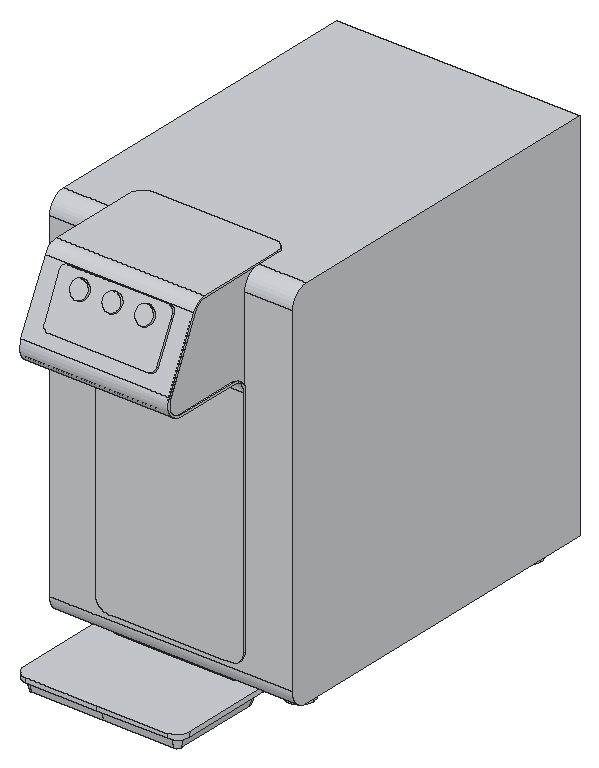
Revit family "DSBS130UVPC", category Plumbing Fixtures, Revit 2019 (continued)
Lines and regions (in)
  model lines
    curve 427: arc (0.28697, -6.63592, 0.68045) -> (0.24277, -6.65423, 0.68045) -> (0.22447, -6.69842, 0.68045) r 0.0625
    curve 428: arc (0.34947, -6.63592, 0.68045) -> (0.39366, -6.65423, 0.68045) -> (0.41197, -6.69842, 0.68045) r 0.0625
    curve 429: arc (0.41197, -7.44842, 0.68045) -> (0.39366, -7.49261, 0.68045) -> (0.34947, -7.51092, 0.68045) r 0.0625
    curve 430: arc (0.28697, -7.51092, 0.68045) -> (0.24277, -7.49261, 0.68045) -> (0.22447, -7.44842, 0.68045) r 0.0625
    curve 431: line (0.66769, -7.51092, 0.68045) -> (0.60519, -7.51092, 0.68045)
    curve 432: line (0.73019, -7.44842, 0.68045) -> (0.73019, -6.69842, 0.68045)
    curve 433: line (0.66769, -6.63592, 0.68045) -> (0.60519, -6.63592, 0.68045)
    curve 434: line (0.54269, -6.69842, 0.68045) -> (0.54269, -7.44842, 0.68045)
    curve 435: arc (0.60519, -6.63592, 0.68045) -> (0.56099, -6.65423, 0.68045) -> (0.54269, -6.69842, 0.68045) r 0.0625
    curve 436: arc (0.66769, -6.63592, 0.68045) -> (0.71188, -6.65423, 0.68045) -> (0.73019, -6.69842, 0.68045) r 0.0625
    curve 437: arc (0.73019, -7.44842, 0.68045) -> (0.71188, -7.49261, 0.68045) -> (0.66769, -7.51092, 0.68045) r 0.0625
    curve 438: arc (0.60519, -7.51092, 0.68045) -> (0.56099, -7.49261, 0.68045) -> (0.54269, -7.44842, 0.68045) r 0.0625
    curve 439: line (0.9859, -7.51092, 0.68045) -> (0.9234, -7.51092, 0.68045)
    curve 440: line (1.0484, -7.44842, 0.68045) -> (1.0484, -6.69842, 0.68045)
    curve 441: line (0.9859, -6.63592, 0.68045) -> (0.9234, -6.63592, 0.68045)
    curve 442: line (0.8609, -6.69842, 0.68045) -> (0.8609, -7.44842, 0.68045)
    curve 443: arc (0.9234, -6.63592, 0.68045) -> (0.87921, -6.65423, 0.68045) -> (0.8609, -6.69842, 0.68045) r 0.0625
    curve 444: arc (0.9859, -6.63592, 0.68045) -> (1.0301, -6.65423, 0.68045) -> (1.0484, -6.69842, 0.68045) r 0.0625
    curve 445: arc (1.0484, -7.44842, 0.68045) -> (1.0301, -7.49261, 0.68045) -> (0.9859, -7.51092, 0.68045) r 0.0625
    curve 446: arc (0.9234, -7.51092, 0.68045) -> (0.87921, -7.49261, 0.68045) -> (0.8609, -7.44842, 0.68045) r 0.0625
    curve 447: line (1.30412, -7.51092, 0.68045) -> (1.24162, -7.51092, 0.68045)
    curve 448: line (1.36662, -7.44842, 0.68045) -> (1.36662, -6.69842, 0.68045)
    curve 449: line (1.30412, -6.63592, 0.68045) -> (1.24162, -6.63592, 0.68045)
    curve 450: line (1.17912, -6.69842, 0.68045) -> (1.17912, -7.44842, 0.68045)
    curve 451: arc (1.24162, -6.63592, 0.68045) -> (1.19743, -6.65423, 0.68045) -> (1.17912, -6.69842, 0.68045) r 0.0625
    curve 452: arc (1.30412, -6.63592, 0.68045) -> (1.34832, -6.65423, 0.68045) -> (1.36662, -6.69842, 0.68045) r 0.0625
    curve 453: arc (1.36662, -7.44842, 0.68045) -> (1.34832, -7.49261, 0.68045) -> (1.30412, -7.51092, 0.68045) r 0.0625
    curve 454: arc (1.24162, -7.51092, 0.68045) -> (1.19743, -7.49261, 0.68045) -> (1.17912, -7.44842, 0.68045) r 0.0625
    curve 455: line (1.62234, -7.51092, 0.68045) -> (1.55984, -7.51092, 0.68045)
    curve 456: line (1.68484, -7.44842, 0.68045) -> (1.68484, -6.69842, 0.68045)
    curve 457: line (1.62234, -6.63592, 0.68045) -> (1.55984, -6.63592, 0.68045)
    curve 458: line (1.49734, -6.69842, 0.68045) -> (1.49734, -7.44842, 0.68045)
    curve 459: arc (1.55984, -6.63592, 0.68045) -> (1.51565, -6.65423, 0.68045) -> (1.49734, -6.69842, 0.68045) r 0.0625
    curve 460: arc (1.62234, -6.63592, 0.68045) -> (1.66654, -6.65423, 0.68045) -> (1.68484, -6.69842, 0.68045) r 0.0625
    curve 461: arc (1.68484, -7.44842, 0.68045) -> (1.66654, -7.49261, 0.68045) -> (1.62234, -7.51092, 0.68045) r 0.0625
    curve 462: arc (1.55984, -7.51092, 0.68045) -> (1.51565, -7.49261, 0.68045) -> (1.49734, -7.44842, 0.68045) r 0.0625
    curve 463: line (-0.34947, -6.44842, 0.68045) -> (0.34947, -6.44842, 0.68045)
    curve 464: line (-0.41197, -6.38592, 0.68045) -> (-0.41197, -5.63592, 0.68045)
    curve 465: line (-0.34947, -5.57342, 0.68045) -> (0.34947, -5.57342, 0.68045)
    curve 466: arc (-0.34947, -5.57342, 0.68045) -> (-0.39366, -5.59173, 0.68045) -> (-0.41197, -5.63592, 0.68045) r 0.0625
    curve 467: arc (-0.41197, -6.38592, 0.68045) -> (-0.39366, -6.43011, 0.68045) -> (-0.34947, -6.44842, 0.68045) r 0.0625
    curve 468: line (-0.66769, -6.44842, 0.68045) -> (-0.60519, -6.44842, 0.68045)
    curve 469: line (-0.73019, -6.38592, 0.68045) -> (-0.73019, -5.63592, 0.68045)
    curve 470: line (-0.66769, -5.57342, 0.68045) -> (-0.60519, -5.57342, 0.68045)
    curve 471: line (-0.54269, -5.63592, 0.68045) -> (-0.54269, -6.38592, 0.68045)
    curve 472: arc (-0.60519, -5.57342, 0.68045) -> (-0.56099, -5.59173, 0.68045) -> (-0.54269, -5.63592, 0.68045) r 0.0625
    curve 473: arc (-0.66769, -5.57342, 0.68045) -> (-0.71188, -5.59173, 0.68045) -> (-0.73019, -5.63592, 0.68045) r 0.0625
    curve 474: arc (-0.73019, -6.38592, 0.68045) -> (-0.71188, -6.43011, 0.68045) -> (-0.66769, -6.44842, 0.68045) r 0.0625
    curve 475: arc (-0.60519, -6.44842, 0.68045) -> (-0.56099, -6.43011, 0.68045) -> (-0.54269, -6.38592, 0.68045) r 0.0625
    curve 476: line (-0.9859, -6.44842, 0.68045) -> (-0.9234, -6.44842, 0.68045)
    curve 477: line (-1.0484, -6.38592, 0.68045) -> (-1.0484, -5.63592, 0.68045)
    curve 478: line (-0.9859, -5.57342, 0.68045) -> (-0.9234, -5.57342, 0.68045)
    curve 479: line (-0.8609, -5.63592, 0.68045) -> (-0.8609, -6.38592, 0.68045)
    curve 480: arc (-0.9234, -5.57342, 0.68045) -> (-0.87921, -5.59173, 0.68045) -> (-0.8609, -5.63592, 0.68045) r 0.0625
    curve 481: arc (-0.9859, -5.57342, 0.68045) -> (-1.0301, -5.59173, 0.68045) -> (-1.0484, -5.63592, 0.68045) r 0.0625
    curve 482: arc (-1.0484, -6.38592, 0.68045) -> (-1.0301, -6.43011, 0.68045) -> (-0.9859, -6.44842, 0.68045) r 0.0625
    curve 483: arc (-0.9234, -6.44842, 0.68045) -> (-0.87921, -6.43011, 0.68045) -> (-0.8609, -6.38592, 0.68045) r 0.0625
    curve 484: line (-1.30412, -6.44842, 0.68045) -> (-1.24162, -6.44842, 0.68045)
    curve 485: line (-1.36662, -6.38592, 0.68045) -> (-1.36662, -5.63592, 0.68045)
    curve 486: line (-1.30412, -5.57342, 0.68045) -> (-1.24162, -5.57342, 0.68045)
    curve 487: line (-1.17912, -5.63592, 0.68045) -> (-1.17912, -6.38592, 0.68045)
    curve 488: arc (-1.24162, -5.57342, 0.68045) -> (-1.19743, -5.59173, 0.68045) -> (-1.17912, -5.63592, 0.68045) r 0.0625
    curve 489: arc (-1.30412, -5.57342, 0.68045) -> (-1.34832, -5.59173, 0.68045) -> (-1.36662, -5.63592, 0.68045) r 0.0625
    curve 490: arc (-1.36662, -6.38592, 0.68045) -> (-1.34832, -6.43011, 0.68045) -> (-1.30412, -6.44842, 0.68045) r 0.0625
    curve 491: arc (-1.24162, -6.44842, 0.68045) -> (-1.19743, -6.43011, 0.68045) -> (-1.17912, -6.38592, 0.68045) r 0.0625
    curve 492: line (-1.62234, -6.44842, 0.68045) -> (-1.55984, -6.44842, 0.68045)
    curve 493: line (-1.68484, -6.38592, 0.68045) -> (-1.68484, -5.63592, 0.68045)
    curve 494: line (-1.62234, -5.57342, 0.68045) -> (-1.55984, -5.57342, 0.68045)
    curve 495: line (-1.49734, -5.63592, 0.68045) -> (-1.49734, -6.38592, 0.68045)
    curve 496: arc (-1.55984, -5.57342, 0.68045) -> (-1.51565, -5.59173, 0.68045) -> (-1.49734, -5.63592, 0.68045) r 0.0625
    curve 497: arc (-1.62234, -5.57342, 0.68045) -> (-1.66654, -5.59173, 0.68045) -> (-1.68484, -5.63592, 0.68045) r 0.0625
    curve 498: arc (-1.68484, -6.38592, 0.68045) -> (-1.66654, -6.43011, 0.68045) -> (-1.62234, -6.44842, 0.68045) r 0.0625
    curve 499: arc (-1.55984, -6.44842, 0.68045) -> (-1.51565, -6.43011, 0.68045) -> (-1.49734, -6.38592, 0.68045) r 0.0625
    curve 500: line (0.41197, -6.38592, 0.68045) -> (0.41197, -5.63592, 0.68045)
    curve 501: arc (0.34947, -5.57342, 0.68045) -> (0.39366, -5.59173, 0.68045) -> (0.41197, -5.63592, 0.68045) r 0.0625
    curve 502: arc (0.41197, -6.38592, 0.68045) -> (0.39366, -6.43011, 0.68045) -> (0.34947, -6.44842, 0.68045) r 0.0625
    curve 503: line (0.66769, -6.44842, 0.68045) -> (0.60519, -6.44842, 0.68045)
    curve 504: line (0.73019, -6.38592, 0.68045) -> (0.73019, -5.63592, 0.68045)
    curve 505: line (0.66769, -5.57342, 0.68045) -> (0.60519, -5.57342, 0.68045)
    curve 506: line (0.54269, -5.63592, 0.68045) -> (0.54269, -6.38592, 0.68045)
    curve 507: arc (0.60519, -5.57342, 0.68045) -> (0.56099, -5.59173, 0.68045) -> (0.54269, -5.63592, 0.68045) r 0.0625
    curve 508: arc (0.66769, -5.57342, 0.68045) -> (0.71188, -5.59173, 0.68045) -> (0.73019, -5.63592, 0.68045) r 0.0625
    curve 509: arc (0.73019, -6.38592, 0.68045) -> (0.71188, -6.43011, 0.68045) -> (0.66769, -6.44842, 0.68045) r 0.0625
    curve 510: arc (0.60519, -6.44842, 0.68045) -> (0.56099, -6.43011, 0.68045) -> (0.54269, -6.38592, 0.68045) r 0.0625
    curve 511: line (0.9859, -6.44842, 0.68045) -> (0.9234, -6.44842, 0.68045)
    curve 512: line (1.0484, -6.38592, 0.68045) -> (1.0484, -5.63592, 0.68045)
    curve 513: line (0.9859, -5.57342, 0.68045) -> (0.9234, -5.57342, 0.68045)
    curve 514: line (0.8609, -5.63592, 0.68045) -> (0.8609, -6.38592, 0.68045)
    curve 515: arc (0.9234, -5.57342, 0.68045) -> (0.87921, -5.59173, 0.68045) -> (0.8609, -5.63592, 0.68045) r 0.0625
    curve 516: arc (0.9859, -5.57342, 0.68045) -> (1.0301, -5.59173, 0.68045) -> (1.0484, -5.63592, 0.68045) r 0.0625
    curve 517: arc (1.0484, -6.38592, 0.68045) -> (1.0301, -6.43011, 0.68045) -> (0.9859, -6.44842, 0.68045) r 0.0625
    curve 518: arc (0.9234, -6.44842, 0.68045) -> (0.87921, -6.43011, 0.68045) -> (0.8609, -6.38592, 0.68045) r 0.0625
    curve 519: line (1.30412, -6.44842, 0.68045) -> (1.24162, -6.44842, 0.68045)
    curve 520: line (1.36662, -6.38592, 0.68045) -> (1.36662, -5.63592, 0.68045)
    curve 521: line (1.30412, -5.57342, 0.68045) -> (1.24162, -5.57342, 0.68045)
    curve 522: line (1.17912, -5.63592, 0.68045) -> (1.17912, -6.38592, 0.68045)
    curve 523: arc (1.24162, -5.57342, 0.68045) -> (1.19743, -5.59173, 0.68045) -> (1.17912, -5.63592, 0.68045) r 0.0625
    curve 524: arc (1.30412, -5.57342, 0.68045) -> (1.34832, -5.59173, 0.68045) -> (1.36662, -5.63592, 0.68045) r 0.0625
    curve 525: arc (1.36662, -6.38592, 0.68045) -> (1.34832, -6.43011, 0.68045) -> (1.30412, -6.44842, 0.68045) r 0.0625
    curve 526: arc (1.24162, -6.44842, 0.68045) -> (1.19743, -6.43011, 0.68045) -> (1.17912, -6.38592, 0.68045) r 0.0625
    curve 527: line (1.62234, -6.44842, 0.68045) -> (1.55984, -6.44842, 0.68045)
    curve 528: line (1.68484, -6.38592, 0.68045) -> (1.68484, -5.63592, 0.68045)
    curve 529: line (1.62234, -5.57342, 0.68045) -> (1.55984, -5.57342, 0.68045)
    curve 530: line (1.49734, -5.63592, 0.68045) -> (1.49734, -6.38592, 0.68045)
    curve 531: arc (1.55984, -5.57342, 0.68045) -> (1.51565, -5.59173, 0.68045) -> (1.49734, -5.63592, 0.68045) r 0.0625
    curve 532: arc (1.62234, -5.57342, 0.68045) -> (1.66654, -5.59173, 0.68045) -> (1.68484, -5.63592, 0.68045) r 0.0625
    curve 533: arc (1.68484, -6.38592, 0.68045) -> (1.66654, -6.43011, 0.68045) -> (1.62234, -6.44842, 0.68045) r 0.0625
    curve 534: arc (1.55984, -6.44842, 0.68045) -> (1.51565, -6.43011, 0.68045) -> (1.49734, -6.38592, 0.68045) r 0.0625
    curve 535: line (-0.03125, -5.38592, 0.68045) -> (0.03125, -5.38592, 0.68045)
    curve 536: line (-0.09375, -5.32342, 0.68045) -> (-0.09375, -4.57342, 0.68045)
    curve 537: line (-0.03125, -4.51092, 0.68045) -> (0.03125, -4.51092, 0.68045)
    curve 538: line (0.09375, -4.57342, 0.68045) -> (0.09375, -5.32342, 0.68045)
    curve 539: arc (0.03125, -4.51092, 0.68045) -> (0.07544, -4.52923, 0.68045) -> (0.09375, -4.57342, 0.68045) r 0.0625
    curve 540: arc (-0.03125, -4.51092, 0.68045) -> (-0.07544, -4.52923, 0.68045) -> (-0.09375, -4.57342, 0.68045) r 0.0625
    curve 541: arc (-0.09375, -5.32342, 0.68045) -> (-0.07544, -5.36761, 0.68045) -> (-0.03125, -5.38592, 0.68045) r 0.0625
    curve 542: arc (0.03125, -5.38592, 0.68045) -> (0.07544, -5.36761, 0.68045) -> (0.09375, -5.32342, 0.68045) r 0.0625
    curve 543: line (-0.34947, -5.38592, 0.68045) -> (-0.28697, -5.38592, 0.68045)
    curve 544: line (-0.41197, -5.32342, 0.68045) -> (-0.41197, -4.57342, 0.68045)
    curve 545: line (-0.34947, -4.51092, 0.68045) -> (-0.28697, -4.51092, 0.68045)
    curve 546: line (-0.22447, -4.57342, 0.68045) -> (-0.22447, -5.32342, 0.68045)
    curve 547: arc (-0.28697, -4.51092, 0.68045) -> (-0.24277, -4.52923, 0.68045) -> (-0.22447, -4.57342, 0.68045) r 0.0625
    curve 548: arc (-0.34947, -4.51092, 0.68045) -> (-0.39366, -4.52923, 0.68045) -> (-0.41197, -4.57342, 0.68045) r 0.0625
    curve 549: arc (-0.41197, -5.32342, 0.68045) -> (-0.39366, -5.36761, 0.68045) -> (-0.34947, -5.38592, 0.68045) r 0.0625
    curve 550: arc (-0.28697, -5.38592, 0.68045) -> (-0.24277, -5.36761, 0.68045) -> (-0.22447, -5.32342, 0.68045) r 0.0625
    curve 551: line (-0.66769, -5.38592, 0.68045) -> (-0.60519, -5.38592, 0.68045)
    curve 552: line (-0.73019, -5.32342, 0.68045) -> (-0.73019, -4.57342, 0.68045)
    curve 553: line (-0.66769, -4.51092, 0.68045) -> (-0.60519, -4.51092, 0.68045)
    curve 554: line (-0.54269, -4.57342, 0.68045) -> (-0.54269, -5.32342, 0.68045)
    curve 555: arc (-0.60519, -4.51092, 0.68045) -> (-0.56099, -4.52923, 0.68045) -> (-0.54269, -4.57342, 0.68045) r 0.0625
    curve 556: arc (-0.66769, -4.51092, 0.68045) -> (-0.71188, -4.52923, 0.68045) -> (-0.73019, -4.57342, 0.68045) r 0.0625
    curve 557: arc (-0.73019, -5.32342, 0.68045) -> (-0.71188, -5.36761, 0.68045) -> (-0.66769, -5.38592, 0.68045) r 0.0625
    curve 558: arc (-0.60519, -5.38592, 0.68045) -> (-0.56099, -5.36761, 0.68045) -> (-0.54269, -5.32342, 0.68045) r 0.0625
    curve 559: line (-0.9859, -5.38592, 0.68045) -> (-0.9234, -5.38592, 0.68045)
    curve 560: line (-1.0484, -5.32342, 0.68045) -> (-1.0484, -4.57342, 0.68045)
    curve 561: line (-0.9859, -4.51092, 0.68045) -> (-0.9234, -4.51092, 0.68045)
    curve 562: line (-0.8609, -4.57342, 0.68045) -> (-0.8609, -5.32342, 0.68045)
    curve 563: arc (-0.9234, -4.51092, 0.68045) -> (-0.87921, -4.52923, 0.68045) -> (-0.8609, -4.57342, 0.68045) r 0.0625
    curve 564: arc (-0.9859, -4.51092, 0.68045) -> (-1.0301, -4.52923, 0.68045) -> (-1.0484, -4.57342, 0.68045) r 0.0625
    curve 565: arc (-1.0484, -5.32342, 0.68045) -> (-1.0301, -5.36761, 0.68045) -> (-0.9859, -5.38592, 0.68045) r 0.0625
    curve 566: arc (-0.9234, -5.38592, 0.68045) -> (-0.87921, -5.36761, 0.68045) -> (-0.8609, -5.32342, 0.68045) r 0.0625
    curve 567: line (-1.30412, -5.38592, 0.68045) -> (-1.24162, -5.38592, 0.68045)
    curve 568: line (-1.36662, -5.32342, 0.68045) -> (-1.36662, -4.57342, 0.68045)
    curve 569: line (-1.30412, -4.51092, 0.68045) -> (-1.24162, -4.51092, 0.68045)
    curve 570: line (-1.17912, -4.57342, 0.68045) -> (-1.17912, -5.32342, 0.68045)
    curve 571: arc (-1.24162, -4.51092, 0.68045) -> (-1.19743, -4.52923, 0.68045) -> (-1.17912, -4.57342, 0.68045) r 0.0625
    curve 572: arc (-1.30412, -4.51092, 0.68045) -> (-1.34832, -4.52923, 0.68045) -> (-1.36662, -4.57342, 0.68045) r 0.0625
    curve 573: arc (-1.36662, -5.32342, 0.68045) -> (-1.34832, -5.36761, 0.68045) -> (-1.30412, -5.38592, 0.68045) r 0.0625
    curve 574: arc (-1.24162, -5.38592, 0.68045) -> (-1.19743, -5.36761, 0.68045) -> (-1.17912, -5.32342, 0.68045) r 0.0625
    curve 575: line (-1.62234, -5.38592, 0.68045) -> (-1.55984, -5.38592, 0.68045)
    curve 576: line (-1.68484, -5.32342, 0.68045) -> (-1.68484, -4.57342, 0.68045)
    curve 577: line (-1.62234, -4.51092, 0.68045) -> (-1.55984, -4.51092, 0.68045)
    curve 578: line (-1.49734, -4.57342, 0.68045) -> (-1.49734, -5.32342, 0.68045)
    curve 579: arc (-1.55984, -4.51092, 0.68045) -> (-1.51565, -4.52923, 0.68045) -> (-1.49734, -4.57342, 0.68045) r 0.0625
    curve 580: arc (-1.62234, -4.51092, 0.68045) -> (-1.66654, -4.52923, 0.68045) -> (-1.68484, -4.57342, 0.68045) r 0.0625
    curve 581: arc (-1.68484, -5.32342, 0.68045) -> (-1.66654, -5.36761, 0.68045) -> (-1.62234, -5.38592, 0.68045) r 0.0625
    curve 582: arc (-1.55984, -5.38592, 0.68045) -> (-1.51565, -5.36761, 0.68045) -> (-1.49734, -5.32342, 0.68045) r 0.0625
    curve 583: line (0.34947, -5.38592, 0.68045) -> (0.28697, -5.38592, 0.68045)
    curve 584: line (0.41197, -5.32342, 0.68045) -> (0.41197, -4.57342, 0.68045)
    curve 585: line (0.34947, -4.51092, 0.68045) -> (0.28697, -4.51092, 0.68045)
    curve 586: line (0.22447, -4.57342, 0.68045) -> (0.22447, -5.32342, 0.68045)
    curve 587: arc (0.28697, -4.51092, 0.68045) -> (0.24277, -4.52923, 0.68045) -> (0.22447, -4.57342, 0.68045) r 0.0625
    curve 588: arc (0.34947, -4.51092, 0.68045) -> (0.39366, -4.52923, 0.68045) -> (0.41197, -4.57342, 0.68045) r 0.0625
    curve 589: arc (0.41197, -5.32342, 0.68045) -> (0.39366, -5.36761, 0.68045) -> (0.34947, -5.38592, 0.68045) r 0.0625
    curve 590: arc (0.28697, -5.38592, 0.68045) -> (0.24277, -5.36761, 0.68045) -> (0.22447, -5.32342, 0.68045) r 0.0625
    curve 591: line (0.66769, -5.38592, 0.68045) -> (0.60519, -5.38592, 0.68045)
    curve 592: line (0.73019, -5.32342, 0.68045) -> (0.73019, -4.57342, 0.68045)
    curve 593: line (0.66769, -4.51092, 0.68045) -> (0.60519, -4.51092, 0.68045)
    curve 594: line (0.54269, -4.57342, 0.68045) -> (0.54269, -5.32342, 0.68045)
    curve 595: arc (0.60519, -4.51092, 0.68045) -> (0.56099, -4.52923, 0.68045) -> (0.54269, -4.57342, 0.68045) r 0.0625
    curve 596: arc (0.66769, -4.51092, 0.68045) -> (0.71188, -4.52923, 0.68045) -> (0.73019, -4.57342, 0.68045) r 0.0625
    curve 597: arc (0.73019, -5.32342, 0.68045) -> (0.71188, -5.36761, 0.68045) -> (0.66769, -5.38592, 0.68045) r 0.0625
    curve 598: arc (0.60519, -5.38592, 0.68045) -> (0.56099, -5.36761, 0.68045) -> (0.54269, -5.32342, 0.68045) r 0.0625
    curve 599: line (0.9859, -5.38592, 0.68045) -> (0.9234, -5.38592, 0.68045)
    curve 600: line (1.0484, -5.32342, 0.68045) -> (1.0484, -4.57342, 0.68045)
    curve 601: line (0.9859, -4.51092, 0.68045) -> (0.9234, -4.51092, 0.68045)
    curve 602: line (0.8609, -4.57342, 0.68045) -> (0.8609, -5.32342, 0.68045)
    curve 603: arc (0.9234, -4.51092, 0.68045) -> (0.87921, -4.52923, 0.68045) -> (0.8609, -4.57342, 0.68045) r 0.0625
    curve 604: arc (0.9859, -4.51092, 0.68045) -> (1.0301, -4.52923, 0.68045) -> (1.0484, -4.57342, 0.68045) r 0.0625
    curve 605: arc (1.0484, -5.32342, 0.68045) -> (1.0301, -5.36761, 0.68045) -> (0.9859, -5.38592, 0.68045) r 0.0625
    curve 606: arc (0.9234, -5.38592, 0.68045) -> (0.87921, -5.36761, 0.68045) -> (0.8609, -5.32342, 0.68045) r 0.0625
    curve 607: line (1.30412, -5.38592, 0.68045) -> (1.24162, -5.38592, 0.68045)
    curve 608: line (1.36662, -5.32342, 0.68045) -> (1.36662, -4.57342, 0.68045)
    curve 609: line (1.30412, -4.51092, 0.68045) -> (1.24162, -4.51092, 0.68045)
    curve 610: line (1.17912, -4.57342, 0.68045) -> (1.17912, -5.32342, 0.68045)
    curve 611: arc (1.24162, -4.51092, 0.68045) -> (1.19743, -4.52923, 0.68045) -> (1.17912, -4.57342, 0.68045) r 0.0625
    curve 612: arc (1.30412, -4.51092, 0.68045) -> (1.34832, -4.52923, 0.68045) -> (1.36662, -4.57342, 0.68045) r 0.0625
    curve 613: arc (1.36662, -5.32342, 0.68045) -> (1.34832, -5.36761, 0.68045) -> (1.30412, -5.38592, 0.68045) r 0.0625
    curve 614: arc (1.24162, -5.38592, 0.68045) -> (1.19743, -5.36761, 0.68045) -> (1.17912, -5.32342, 0.68045) r 0.0625
    curve 615: line (1.62234, -5.38592, 0.68045) -> (1.55984, -5.38592, 0.68045)
    curve 616: line (1.68484, -5.32342, 0.68045) -> (1.68484, -4.57342, 0.68045)
    curve 617: line (1.62234, -4.51092, 0.68045) -> (1.55984, -4.51092, 0.68045)
    curve 618: line (1.49734, -4.57342, 0.68045) -> (1.49734, -5.32342, 0.68045)
    curve 619: arc (1.55984, -4.51092, 0.68045) -> (1.51565, -4.52923, 0.68045) -> (1.49734, -4.57342, 0.68045) r 0.0625
    curve 620: arc (1.62234, -4.51092, 0.68045) -> (1.66654, -4.52923, 0.68045) -> (1.68484, -4.57342, 0.68045) r 0.0625
    curve 621: arc (1.68484, -5.32342, 0.68045) -> (1.66654, -5.36761, 0.68045) -> (1.62234, -5.38592, 0.68045) r 0.0625
    curve 622: arc (1.55984, -5.38592, 0.68045) -> (1.51565, -5.36761, 0.68045) -> (1.49734, -5.32342, 0.68045) r 0.0625
    curve 623: line (-2.75, -3.32342, 0.68045) -> (-3.375, -3.32342, 0.68045)
    curve 624: arc (-3.375, -3.32342, 0.68045) -> (-3.41919, -3.34173, 0.68045) -> (-3.4375, -3.38592, 0.68045) r 0.0625
    curve 625: line (-3.4375, -3.38592, 0.68045) -> (-3.4375, -7.26092, 0.68045)
    curve 626: arc (-2.6875, -3.38592, 0.68045) -> (-2.70581, -3.34173, 0.68045) -> (-2.75, -3.32342, 0.68045) r 0.0625
    curve 627: arc (-2.5, -3.69842, 0.68045) -> (-2.63258, -3.6435, 0.68045) -> (-2.6875, -3.51092, 0.68045) r 0.1875
    curve 628: line (-2.6875, -3.51092, 0.68045) -> (-2.6875, -3.38592, 0.68045)
    curve 629: line (0, -3.69842, 0.68045) -> (-2.5, -3.69842, 0.68045)
    curve 630: line (2.5, -3.69842, 0.68045) -> (0, -3.69842, 0.68045)
    curve 631: arc (-3.4375, -7.26092, 0.68045) -> (-3.30936, -7.57028, 0.68045) -> (-3, -7.69842, 0.68045) r 0.4375
    curve 632: line (-3, -7.69842, 0.68045) -> (0, -7.69842, 0.68045)
    curve 633: line (0, -7.69842, 0.68045) -> (3, -7.69842, 0.68045)
    curve 634: arc (3, -7.69842, 0.68045) -> (3.30936, -7.57028, 0.68045) -> (3.4375, -7.26092, 0.68045) r 0.4375
    curve 635: line (3.4375, -7.26092, 0.68045) -> (3.4375, -3.38592, 0.68045)
    curve 636: arc (3.4375, -3.38592, 0.68045) -> (3.41919, -3.34173, 0.68045) -> (3.375, -3.32342, 0.68045) r 0.0625
    curve 637: line (3.375, -3.32342, 0.68045) -> (2.75, -3.32342, 0.68045)
    curve 638: arc (2.75, -3.32342, 0.68045) -> (2.70581, -3.34173, 0.68045) -> (2.6875, -3.38592, 0.68045) r 0.0625
    curve 639: line (2.6875, -3.38592, 0.68045) -> (2.6875, -3.51092, 0.68045)
    curve 640: arc (2.6875, -3.51092, 0.68045) -> (2.63258, -3.6435, 0.68045) -> (2.5, -3.69842, 0.68045) r 0.1875
    curve 641: line (-1.80851, -6.70262, 15.98238) -> (-0.93351, -6.70262, 15.98238)
    curve 642: line (-1.93351, -7.57195, 14.18576) -> (-1.93351, -6.75706, 15.86986)
    curve 643: line (-0.93351, -7.6264, 14.07324) -> (-1.80851, -7.6264, 14.07324)
    curve 644: line (-0.80851, -6.75706, 15.86986) -> (-0.80851, -7.57195, 14.18576)
    curve 645: arc (-1.80851, -6.70262, 15.98238) -> (-1.8969, -6.71857, 15.94943) -> (-1.93351, -6.75706, 15.86986) r 0.125
    curve 646: arc (-1.93351, -7.57195, 14.18576) -> (-1.8969, -7.61045, 14.1062) -> (-1.80851, -7.6264, 14.07324) r 0.125
    curve 647: arc (-0.93351, -7.6264, 14.07324) -> (-0.84512, -7.61045, 14.1062) -> (-0.80851, -7.57195, 14.18576) r 0.125
    curve 648: arc (-0.93351, -6.70262, 15.98238) -> (-0.84512, -6.71857, 15.94943) -> (-0.80851, -6.75706, 15.86986) r 0.125
    curve 649: line (-1.49601, -7.32164, 14.70308) -> (-1.24601, -7.32164, 14.70308)
    curve 650: line (-1.62101, -7.48497, 14.36552) -> (-1.62101, -7.37608, 14.59056)
    curve 651: line (-1.24601, -7.53942, 14.253) -> (-1.49601, -7.53942, 14.253)
    curve 652: line (-1.12101, -7.37608, 14.59056) -> (-1.12101, -7.48497, 14.36552)
    curve 653: arc (-1.49601, -7.32164, 14.70308) -> (-1.5844, -7.33758, 14.67013) -> (-1.62101, -7.37608, 14.59056) r 0.125
    curve 654: arc (-1.62101, -7.48497, 14.36552) -> (-1.5844, -7.52347, 14.28596) -> (-1.49601, -7.53942, 14.253) r 0.125
    curve 655: arc (-1.24601, -7.53942, 14.253) -> (-1.15762, -7.52347, 14.28596) -> (-1.12101, -7.48497, 14.36552) r 0.125
    curve 656: arc (-1.12101, -7.37608, 14.59056) -> (-1.15762, -7.33758, 14.67013) -> (-1.24601, -7.32164, 14.70308) r 0.125
Connectors (in)
  piping at (-0.32458, 11.26574, 4.61683), diameter 0.25
    settings: on Extrusion 2, index 1, connector inside diameter 1/4", connector length 0' - 0", flow factor 0, pipe flow 0 GPM, pressure drop 0.00 psi, fitting loss kfactor 0, connector angle 0.00°, fixture units 0, engagement length 0' - 0", angle of deflection 0.00°, flow configuration 0, flow direction 0, fitting loss method 0, system type 19, joint type 0, gender type 0, connector reference index -1, connector utility 0, adjustable connector no, is connector primary yes, connector description ""
  electrical at (2.74598, 11.26574, 2.95637)
    settings: on Extrusion 2, index 2, voltage 0 V, apparent load 0 VA, apparent load phase1 0 VA, apparent load phase2 0 VA, apparent load phase3 0 VA, power factor 1, load classification "Other", number of poles 1, system type 14, power factor state 1, is connector primary yes, connector utility no, sub classification motor no, connector description ""
